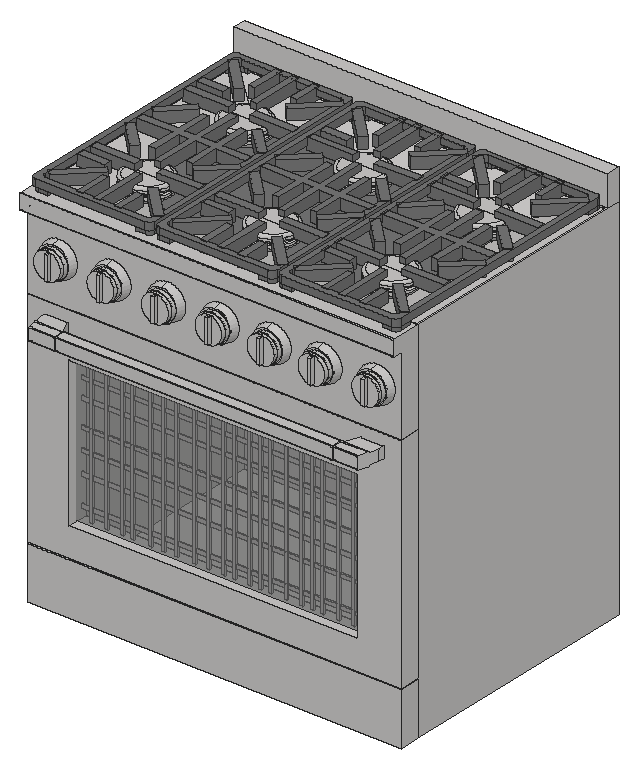
Revit family "HGPR36_Revit", category Specialty Equipment, Revit 2014 (continued)
Automatic sketch dimensions
  Extrusion 13 sketch curve to plane 11 = 0.47485"
  Extrusion 13 sketch curve to Extrusion 13 sketch curve = 0.23194"
  Extrusion 13 sketch curve to plane 11 = 0.2317"
  Extrusion 13 sketch curve to plane 14 = 9.8281"
  Extrusion 13 sketch curve to Extrusion 13 sketch curve = 0.02144"
  Extrusion 13 sketch curve to Extrusion 13 sketch curve = 0.01938"
  Extrusion 13 sketch curve to Extrusion 13 sketch curve = 0.03872"
  Extrusion 13 sketch curve to Extrusion 13 sketch curve = 0.17852"
  Extrusion 13 sketch curve to Extrusion 13 sketch curve = 0.36607"
  Extrusion 13 sketch curve to Extrusion 13 sketch curve = 0.12333"
  Extrusion 13 sketch curve to Extrusion 13 sketch curve = 0.01358"
  Extrusion 13 sketch curve to Extrusion 13 sketch curve = 0.01774"
  Extrusion 13 sketch curve to Extrusion 13 sketch curve = 0.01062"
  Revolve 14 sketch curve to plane 9 = 0"
  plane 11 to Revolve 14 sketch curve = 1/8"
  Revolve 14 sketch curve to plane 11 = 0.26351"
  Revolve 14 sketch curve to Revolve 14 sketch curve = 0.33385"
  Revolve 14 sketch curve to plane 14 = 3.49702"
  Revolve 14 sketch curve to Revolve 14 sketch curve = 1.2924"
  Revolve 14 sketch curve to Revolve 14 sketch curve = 0.06726"
  Revolve 14 sketch curve to Revolve 14 sketch curve = 0.13737"
  Revolve 14 sketch curve to Revolve 14 sketch curve = 0.20096"
  Revolve 14 sketch curve to plane 9 = 1/4"
  Revolve 14 sketch curve to plane 11 = 1/8"
  Revolve 14 sketch curve to Revolve 14 sketch curve = 0"
  plane 3 "Center (Left/Right)" to Extrusion 15 sketch curve = 5.48479"
  Extrusion 15 sketch curve to Extrusion 15 sketch curve = 0.30095"
  Extrusion 15 sketch curve to plane 14 = 4.63811"
  Extrusion 15 sketch curve to Extrusion 15 sketch curve = 2.30319"
  Extrusion 16 sketch curve to Extrusion 1 = 0"  (x4)
  Blend 17 sketch curve to Extrusion 1 = 0"
  Extrusion 1 to Blend 17 sketch curve = 0"
  Extrusion 1 to Blend 17 sketch curve = 35 1/4"
  Extrusion 1 to Blend 17 sketch curve = 1.47905"
  Extrusion 1 to Blend 17 sketch curve = 3.0506"
  Extrusion 1 to Blend 17 sketch curve = 2.80878"
  Blend 17 sketch curve to Blend 17 sketch curve = 27 1/2"
  Extrusion 1 to Blend 17 sketch curve = 4.19122"
  Blend 18 sketch curve to plane 5 = 0"
  plane 16 to Blend 18 sketch curve = 0.22905"
  plane 6 to Blend 18 sketch curve = 0.54402"
  Blend 18 sketch curve to plane 7 = 1.08098"
  plane 6 to Blend 18 sketch curve = 4.59462"
  Blend 18 sketch curve to plane 7 = 5.03038"
  plane 5 to Blend 18 sketch curve = 3.54791"
  plane 16 to Blend 18 sketch curve = 3.68035"
  Extrusion 19 sketch curve to Blend 17 = 0"
  Blend 17 to Extrusion 19 sketch curve = 0.73913"  (x2)
  Blend 17 to Extrusion 19 sketch curve = 1"
  plane 8 to Revolve 20 sketch curve = 1/32"
  plane 6 to Revolve 20 sketch curve = 3 15/16"
  Revolve 20 sketch curve to plane 8 = 0.3223"
  Revolve 20 sketch curve to Revolve 20 sketch curve = 0"  (x2)
  Revolve 20 sketch curve to Revolve 20 sketch curve = 0.08277"
  Revolve 20 sketch curve to plane 8 = 0.09852"
  Revolve 20 sketch curve to Revolve 20 sketch curve = 0.047"  (x2)
  Revolve 20 sketch curve to plane 8 = 0.19253"
  plane 14 to Revolve 20 sketch curve = 0.70035"
  Revolve 20 sketch curve to Revolve 20 sketch curve = 0.1853"
  Revolve 20 sketch curve to Revolve 20 sketch curve = 1/4"
  Revolve 20 sketch curve to Revolve 20 sketch curve = 0.0647"
  plane 14 to Revolve 20 sketch curve = 0.55589"
  Revolve 20 sketch curve to Revolve 20 sketch curve = 0.53915"
  Revolve 20 sketch curve to plane 14 = 0.23056"
  Revolve 20 sketch curve to Revolve 20 sketch curve = 0.45405"
  Revolve 20 sketch curve to Revolve 20 sketch curve = 1.0715"
  plane 8 to Revolve 20 sketch curve = 9/32"
  plane 14 to Revolve 20 sketch curve = 0.63472"
  Revolve 20 sketch curve to Revolve 20 sketch curve = 0.10347"
  Extrusion 21 sketch curve to plane 9 = 0"  (x3)
  plane 6 to Extrusion 21 sketch curve = 0.27554"
  Extrusion 21 sketch curve to Extrusion 21 sketch curve = 1/2"  (x14)
  Extrusion 21 sketch curve to Extrusion 21 sketch curve = 0.01964"  (x2)
  plane 9 to Extrusion 21 sketch curve = 0.59094"  (x2)
  Extrusion 21 sketch curve to plane 3 "Center (Left/Right)" = 7.14232"  (x2)
  plane 16 to Extrusion 21 sketch curve = 1.28406"  (x3)
  Extrusion 21 sketch curve to Extrusion 21 sketch curve = 0.49884"  (x7)
  plane 16 to Extrusion 21 sketch curve = 0.22905"
  Extrusion 21 sketch curve to Extrusion 21 sketch curve = 3/8"  (x2)
  Extrusion 21 sketch curve to Extrusion 21 sketch curve = 0.51964"  (x3)
  plane 3 "Center (Left/Right)" to Extrusion 21 sketch curve = 4.62616"  (x2)
  Extrusion 21 sketch curve to plane 5 = 0.90906"
  Extrusion 21 sketch curve to plane 7 = 1.43866"  (x2)
  Extrusion 21 sketch curve to plane 7 = 0.41902"
  Extrusion 21 sketch curve to Extrusion 21 sketch curve = 0"
  Extrusion 21 sketch curve to Extrusion 21 sketch curve = 0.05501"
  plane 8 to Revolve 22 sketch curve = 1/32"
  plane 6 to Revolve 22 sketch curve = 4 5/16"
  Revolve 22 sketch curve to plane 8 = 0.3223"
  Revolve 22 sketch curve to Revolve 22 sketch curve = 0"  (x2)
  Revolve 22 sketch curve to Revolve 22 sketch curve = 0.08277"
  Revolve 22 sketch curve to plane 8 = 0.09852"
  Revolve 22 sketch curve to Revolve 22 sketch curve = 0.047"  (x2)
  Revolve 22 sketch curve to plane 8 = 0.19253"
  plane 14 to Revolve 22 sketch curve = 0.70035"
  Revolve 22 sketch curve to Revolve 22 sketch curve = 0.1853"
  Revolve 22 sketch curve to Revolve 22 sketch curve = 1/4"  (x3)
  plane 14 to Revolve 22 sketch curve = 0.55589"
  Revolve 22 sketch curve to Revolve 22 sketch curve = 0.53915"
  Revolve 22 sketch curve to plane 14 = 0.23056"
  Revolve 22 sketch curve to Revolve 22 sketch curve = 0.45405"
  Revolve 22 sketch curve to Revolve 22 sketch curve = 1.0715"
  Revolve 22 sketch curve to Revolve 22 sketch curve = 0.10347"
  plane 14 to Revolve 22 sketch curve = 0.63472"
  plane 8 to Revolve 23 sketch curve = 1/32"
  Revolve 23 sketch curve to plane 7 = 4 1/16"
  Revolve 23 sketch curve to plane 8 = 0.3223"
  Revolve 23 sketch curve to Revolve 23 sketch curve = 0"  (x2)
  Revolve 23 sketch curve to Revolve 23 sketch curve = 0.08277"
  Revolve 23 sketch curve to plane 8 = 0.09852"
  Revolve 23 sketch curve to Revolve 23 sketch curve = 0.047"  (x2)
  Revolve 23 sketch curve to plane 8 = 0.19253"
  plane 14 to Revolve 23 sketch curve = 0.70035"
  Revolve 23 sketch curve to Revolve 23 sketch curve = 0.1853"
  Revolve 23 sketch curve to Revolve 23 sketch curve = 1/4"  (x2)
  Revolve 23 sketch curve to Revolve 23 sketch curve = 0.0647"
  plane 14 to Revolve 23 sketch curve = 0.55589"
  Revolve 23 sketch curve to Revolve 23 sketch curve = 0.53915"
  Revolve 23 sketch curve to plane 14 = 0.23056"
  Revolve 23 sketch curve to Revolve 23 sketch curve = 0.45405"
  Revolve 23 sketch curve to Revolve 23 sketch curve = 1.0715"
  Revolve 23 sketch curve to Revolve 23 sketch curve = 0.10347"
  plane 14 to Revolve 23 sketch curve = 0.63472"
  plane 8 to Revolve 24 sketch curve = 1/32"
  Revolve 24 sketch curve to plane 7 = 4 3/16"
  Revolve 24 sketch curve to plane 8 = 0.3223"
  Revolve 24 sketch curve to Revolve 24 sketch curve = 0"  (x2)
  Revolve 24 sketch curve to Revolve 24 sketch curve = 0.08277"
  Revolve 24 sketch curve to plane 8 = 0.09852"
  Revolve 24 sketch curve to Revolve 24 sketch curve = 0.047"  (x2)
  Revolve 24 sketch curve to plane 8 = 0.19253"
  plane 14 to Revolve 24 sketch curve = 0.70035"
  Revolve 24 sketch curve to Revolve 24 sketch curve = 0.1853"
  Revolve 24 sketch curve to Revolve 24 sketch curve = 1/4"  (x2)
  plane 14 to Revolve 24 sketch curve = 0.55589"
  Revolve 24 sketch curve to Revolve 24 sketch curve = 0.53915"
  Revolve 24 sketch curve to plane 14 = 0.23056"
  Revolve 24 sketch curve to Revolve 24 sketch curve = 0.45405"
  Revolve 24 sketch curve to Revolve 24 sketch curve = 1.0715"
  plane 8 to Revolve 24 sketch curve = 9/32"
  plane 14 to Revolve 24 sketch curve = 0.63472"
  Revolve 24 sketch curve to Revolve 24 sketch curve = 0.10347"
  plane 6 to Extrusion 25 sketch curve = 0.54402"  (x2)
  Extrusion 25 sketch curve to Extrusion 25 sketch curve = 1/2"  (x16)
  Extrusion 25 sketch curve to Extrusion 25 sketch curve = 0.01964"  (x5)
  plane 16 to Extrusion 25 sketch curve = 0.22905"  (x5)
  Extrusion 25 sketch curve to Extrusion 25 sketch curve = 0.38691"  (x12)
  plane 9 to Extrusion 25 sketch curve = 0.04155"  (x6)
  plane 9 to Extrusion 25 sketch curve = 0.59656"
  Extrusion 25 sketch curve to plane 3 "Center (Left/Right)" = 7.55004"  (x2)
  Extrusion 25 sketch curve to Extrusion 25 sketch curve = 0.51964"  (x13)
  Extrusion 25 sketch curve to Extrusion 25 sketch curve = 3/8"  (x2)
  plane 3 "Center (Left/Right)" to Extrusion 25 sketch curve = 4.19996"  (x2)
  Extrusion 25 sketch curve to Extrusion 25 sketch curve = 0.39348"  (x2)
  Extrusion 25 sketch curve to plane 7 = 1.84406"  (x2)
  Extrusion 25 sketch curve to plane 7 = 7/16"  (x2)
  Extrusion 25 sketch curve to Extrusion 25 sketch curve = 0.55501"  (x4)
  Extrusion 25 sketch curve to Extrusion 25 sketch curve = 0.05501"  (x2)
  Extrusion 25 sketch curve to Extrusion 25 sketch curve = 0.41301"  (x10)
  Extrusion 25 sketch curve to plane 5 = 0.49042"  (x2)
  Extrusion 25 sketch curve to Extrusion 25 sketch curve = 0.96803"  (x4)
  Extrusion 25 sketch curve to Extrusion 25 sketch curve = 0"  (x2)
  plane 6 to Extrusion 26 sketch curve = 0.66029"  (x4)
  Extrusion 26 sketch curve to plane 1 "Center (Front/Back)" = 0.02378"  (x4)
  plane 6 to Extrusion 26 sketch curve = 0.79518"  (x4)
  Extrusion 26 sketch curve to Extrusion 26 sketch curve = 0"  (x33)
  Extrusion 26 sketch curve to Extrusion 26 sketch curve = 0.53033"  (x26)
  Extrusion 26 sketch curve to plane 5 = 0.8601"  (x6)
  Extrusion 26 sketch curve to Extrusion 26 sketch curve = 0.39543"  (x3)
  plane 1 "Center (Front/Back)" to Extrusion 26 sketch curve = 0.50655"  (x6)
  Extrusion 26 sketch curve to plane 1 "Center (Front/Back)" = 2.49865"  (x5)
  Extrusion 26 sketch curve to Extrusion 26 sketch curve = 2.33998"  (x3)
  Extrusion 26 sketch curve to Extrusion 26 sketch curve = 2.64348"  (x4)
  Extrusion 26 sketch curve to Extrusion 26 sketch curve = 0.33038"  (x4)
  plane 9 to Extrusion 26 sketch curve = 0.51294"  (x9)
  Extrusion 26 sketch curve to Extrusion 26 sketch curve = 3.10876"
  Extrusion 26 sketch curve to Extrusion 26 sketch curve = 0.63388"  (x3)
  Extrusion 26 sketch curve to Extrusion 26 sketch curve = 0.59263"  (x32)
  Extrusion 26 sketch curve to Extrusion 26 sketch curve = 1.74756"
  Extrusion 26 sketch curve to Extrusion 26 sketch curve = 0.29422"  (x3)
  plane 16 to Extrusion 26 sketch curve = 0.40906"  (x9)
  Extrusion 26 sketch curve to Extrusion 26 sketch curve = 1.03237"
  Extrusion 26 sketch curve to Extrusion 26 sketch curve = 0.73815"  (x6)
  Extrusion 26 sketch curve to Extrusion 26 sketch curve = 0.70578"  (x6)
  Extrusion 26 sketch curve to Extrusion 26 sketch curve = 1.40737"  (x8)
  Extrusion 26 sketch curve to Extrusion 26 sketch curve = 0.28013"  (x6)
  plane 5 to Extrusion 26 sketch curve = 2.18615"
  plane 5 to Extrusion 26 sketch curve = 2.71648"  (x2)
  plane 16 to Extrusion 26 sketch curve = 4.61261"
  Extrusion 26 sketch curve to Extrusion 26 sketch curve = 0.25888"  (x6)
  Extrusion 26 sketch curve to plane 1 "Center (Front/Back)" = 1.96832"
  plane 1 "Center (Front/Back)" to Extrusion 26 sketch curve = 5.64477"
  plane 16 to Extrusion 26 sketch curve = 1.03602"  (x4)
  Extrusion 26 sketch curve to Extrusion 26 sketch curve = 2.73376"  (x5)
  plane 1 "Center (Front/Back)" to Extrusion 26 sketch curve = 2.63957"  (x3)
  Extrusion 26 sketch curve to Extrusion 26 sketch curve = 0.04442"  (x3)
  Extrusion 26 sketch curve to Extrusion 26 sketch curve = 1.98896"  (x4)
  Extrusion 26 sketch curve to Extrusion 26 sketch curve = 0.75419"  (x4)
  Extrusion 26 sketch curve to plane 5 = 0.32977"  (x4)
  plane 16 to Extrusion 26 sketch curve = 1.56635"  (x2)
  Extrusion 26 sketch curve to Extrusion 26 sketch curve = 0.1349"
  Extrusion 26 sketch curve to Extrusion 26 sketch curve = 1 3/8"  (x6)
  Extrusion 26 sketch curve to plane 3 "Center (Left/Right)" = 2.62384"  (x2)
  Extrusion 26 sketch curve to plane 3 "Center (Left/Right)" = 1.76313"
  Extrusion 26 sketch curve to plane 3 "Center (Left/Right)" = 0.87627"  (x2)
  Extrusion 26 sketch curve to plane 3 "Center (Left/Right)" = 0.13813"  (x4)
  plane 3 "Center (Left/Right)" to Extrusion 26 sketch curve = 0.45451"  (x4)
  plane 3 "Center (Left/Right)" to Extrusion 26 sketch curve = 1.86187"  (x3)
  Extrusion 26 sketch curve to Extrusion 26 sketch curve = 0.50303"  (x4)
  Extrusion 26 sketch curve to Extrusion 26 sketch curve = 1.12384"  (x3)
  plane 16 to Extrusion 26 sketch curve = 4.67511"
  plane 5 to Extrusion 26 sketch curve = 2.77898"
  plane 5 to Extrusion 26 sketch curve = 1.15793"
  Extrusion 26 sketch curve to plane 7 = 1.1254"  (x4)
  Extrusion 26 sketch curve to plane 7 = 1.08098"  (x2)
  Extrusion 26 sketch curve to Extrusion 26 sketch curve = 1.02822"  (x5)
  Extrusion 26 sketch curve to Extrusion 26 sketch curve = 0.58943"  (x6)
  Extrusion 26 sketch curve to Extrusion 26 sketch curve = 0.15748"  (x4)
  plane 5 to Extrusion 26 sketch curve = 2.93646"
  Extrusion 26 sketch curve to Extrusion 26 sketch curve = 1.28557"  (x2)
  Extrusion 26 sketch curve to Extrusion 26 sketch curve = 1.34807"
  Extrusion 26 sketch curve to Extrusion 26 sketch curve = 3/4"  (x5)
  Extrusion 26 sketch curve to Extrusion 26 sketch curve = 0.89493"  (x5)
  Extrusion 26 sketch curve to Extrusion 26 sketch curve = 0.7427"  (x4)
  Extrusion 26 sketch curve to Extrusion 26 sketch curve = 0.767"  (x12)
  Extrusion 26 sketch curve to Extrusion 26 sketch curve = 0.64493"  (x4)
  Extrusion 26 sketch curve to Extrusion 26 sketch curve = 1.15906"  (x8)
  Extrusion 26 sketch curve to Extrusion 26 sketch curve = 0.33054"  (x12)
  plane 1 "Center (Front/Back)" to Extrusion 26 sketch curve = 2.01044"  (x3)
  Extrusion 26 sketch curve to Extrusion 26 sketch curve = 0.62913"  (x3)
  Extrusion 26 sketch curve to Extrusion 26 sketch curve = 0.74976"  (x3)
  Extrusion 26 sketch curve to Extrusion 26 sketch curve = 0.90748"
  Extrusion 26 sketch curve to Extrusion 26 sketch curve = 1.71268"  (x2)
  plane 6 to Extrusion 28 sketch curve = 3.95746"  (x2)
  Extrusion 28 sketch curve to Extrusion 28 sketch curve = 0"  (x9)
  Extrusion 28 sketch curve to plane 7 = 4.16754"
  plane 10 to Extrusion 28 sketch curve = 8.84665"
  Extrusion 28 sketch curve to Extrusion 28 sketch curve = 0.38211"  (x6)
  Extrusion 28 sketch curve to Extrusion 28 sketch curve = 2.36789"
  Extrusion 28 sketch curve to Extrusion 28 sketch curve = 1.61789"  (x2)
  Extrusion 28 sketch curve to Extrusion 28 sketch curve = 2.11789"
  Extrusion 28 sketch curve to Extrusion 28 sketch curve = 1.36789"
  Extrusion 29 sketch curve to plane 8 = 0"
  Extrusion 29 sketch curve to plane 14 = 0"
  plane 16 to Extrusion 29 sketch curve = 0.38425"
  Extrusion 29 sketch curve to plane 4 = 0.60405"
  Extrusion 30 sketch curve to plane 8 = 0"
  Extrusion 30 sketch curve to plane 16 = 0"
  Extrusion 30 sketch curve to plane 4 = 0"
  Extrusion 30 sketch curve to plane 15 = 0"
  Revolve 31 sketch curve to plane 9 = 0"
  plane 11 to Revolve 31 sketch curve = 1/8"
  Revolve 31 sketch curve to plane 11 = 0.26351"
  Revolve 31 sketch curve to Revolve 31 sketch curve = 0.33385"
  Revolve 31 sketch curve to plane 14 = 3.49702"
  Revolve 31 sketch curve to Revolve 31 sketch curve = 1.2924"
  Revolve 31 sketch curve to Revolve 31 sketch curve = 0.06726"
  Revolve 31 sketch curve to Revolve 31 sketch curve = 0.13737"
  Revolve 31 sketch curve to Revolve 31 sketch curve = 0.20096"
  Revolve 31 sketch curve to plane 9 = 1/4"
  Revolve 31 sketch curve to plane 11 = 1/8"
  Revolve 31 sketch curve to Revolve 31 sketch curve = 0"
  plane 3 "Center (Left/Right)" to Extrusion 32 sketch curve = 0.48479"
  Extrusion 32 sketch curve to Extrusion 32 sketch curve = 0.30095"
  Extrusion 32 sketch curve to plane 14 = 4.63811"
  Extrusion 32 sketch curve to Extrusion 32 sketch curve = 2.30319"
  Revolve 33 sketch curve to plane 9 = 0"
  plane 11 to Revolve 33 sketch curve = 1/8"
  Revolve 33 sketch curve to plane 11 = 0.26351"
  Revolve 33 sketch curve to Revolve 33 sketch curve = 0.33385"
  Revolve 33 sketch curve to plane 14 = 1.79904"
  Revolve 33 sketch curve to Revolve 33 sketch curve = 0.20096"
  Revolve 33 sketch curve to Revolve 33 sketch curve = 0.13737"
  Revolve 33 sketch curve to Revolve 33 sketch curve = 0.06726"
  Revolve 33 sketch curve to Revolve 33 sketch curve = 1.2924"
  Revolve 33 sketch curve to Revolve 33 sketch curve = 1/4"
  Revolve 33 sketch curve to plane 11 = 1/8"
  Revolve 33 sketch curve to Revolve 33 sketch curve = 0"
  Extrusion 34 sketch curve to plane 6 = 3.32771"
  Extrusion 34 sketch curve to Extrusion 34 sketch curve = 0.30095"
  plane 14 to Extrusion 34 sketch curve = 4.63811"
  Extrusion 34 sketch curve to Extrusion 34 sketch curve = 2.30319"
  Revolve 35 sketch curve to plane 9 = 0"
  plane 11 to Revolve 35 sketch curve = 1/8"
  Revolve 35 sketch curve to plane 11 = 0.26351"
  Revolve 35 sketch curve to Revolve 35 sketch curve = 0.33385"
  Revolve 35 sketch curve to plane 14 = 1.79904"
  Revolve 35 sketch curve to Revolve 35 sketch curve = 0.20096"
  Revolve 35 sketch curve to Revolve 35 sketch curve = 0.13737"
  Revolve 35 sketch curve to Revolve 35 sketch curve = 0.06726"
  Revolve 35 sketch curve to Revolve 35 sketch curve = 1.2924"
  Revolve 35 sketch curve to Revolve 35 sketch curve = 1/4"
  Revolve 35 sketch curve to plane 11 = 1/8"
  Revolve 35 sketch curve to Revolve 35 sketch curve = 0"
  Extrusion 36 sketch curve to plane 6 = 8.32771"
  Extrusion 36 sketch curve to Extrusion 36 sketch curve = 0.30095"
  plane 14 to Extrusion 36 sketch curve = 4.63811"
  Extrusion 36 sketch curve to Extrusion 36 sketch curve = 2.30319"
  Revolve 37 sketch curve to plane 9 = 0"
  plane 11 to Revolve 37 sketch curve = 1/8"
  Revolve 37 sketch curve to plane 11 = 0.26351"
  Revolve 37 sketch curve to Revolve 37 sketch curve = 0.33385"
  Revolve 37 sketch curve to plane 14 = 1.79904"
  Revolve 37 sketch curve to Revolve 37 sketch curve = 0.20096"
  Revolve 37 sketch curve to Revolve 37 sketch curve = 0.13737"
  Revolve 37 sketch curve to Revolve 37 sketch curve = 0.06726"
  Revolve 37 sketch curve to Revolve 37 sketch curve = 1.2924"
  Revolve 37 sketch curve to Revolve 37 sketch curve = 1/4"
  Revolve 37 sketch curve to plane 11 = 1/8"
  Revolve 37 sketch curve to Revolve 37 sketch curve = 0"
  plane 3 "Center (Left/Right)" to Extrusion 38 sketch curve = 4.35979"
  Extrusion 38 sketch curve to Extrusion 38 sketch curve = 0.30095"
  plane 14 to Extrusion 38 sketch curve = 4.63811"
  Extrusion 38 sketch curve to Extrusion 38 sketch curve = 2.30319"
  plane 8 to Revolve 39 sketch curve = 1/32"
  Revolve 39 sketch curve to plane 3 "Center (Left/Right)" = 2.09263"
  Revolve 39 sketch curve to plane 8 = 0.3223"
  Revolve 39 sketch curve to Revolve 39 sketch curve = 0"
  Revolve 39 sketch curve to Revolve 39 sketch curve = 0.08277"
  Revolve 39 sketch curve to plane 8 = 0.09852"
  Revolve 39 sketch curve to Revolve 39 sketch curve = 0.047"  (x2)
  Revolve 39 sketch curve to plane 8 = 0.19253"
  plane 14 to Revolve 39 sketch curve = 0.70035"
  Revolve 39 sketch curve to Revolve 39 sketch curve = 0.1853"
  Revolve 39 sketch curve to Revolve 39 sketch curve = 1/4"
  Revolve 39 sketch curve to Revolve 39 sketch curve = 0.0647"
  plane 14 to Revolve 39 sketch curve = 0.55589"
  Revolve 39 sketch curve to Revolve 39 sketch curve = 0.53915"
  Revolve 39 sketch curve to plane 14 = 0.23056"
  Revolve 39 sketch curve to Revolve 39 sketch curve = 0.45405"
  plane 3 "Center (Left/Right)" to Revolve 39 sketch curve = 0.15737"  (x2)
  plane 8 to Revolve 39 sketch curve = 9/32"
  plane 14 to Revolve 39 sketch curve = 0.63472"
  Revolve 39 sketch curve to Revolve 39 sketch curve = 0.10347"
  plane 8 to Revolve 40 sketch curve = 1/32"
  Revolve 40 sketch curve to plane 3 "Center (Left/Right)" = 2.09263"
  Revolve 40 sketch curve to plane 8 = 0.3223"
  Revolve 40 sketch curve to Revolve 40 sketch curve = 0"
  Revolve 40 sketch curve to Revolve 40 sketch curve = 0.08277"
  Revolve 40 sketch curve to plane 8 = 0.09852"
  Revolve 40 sketch curve to Revolve 40 sketch curve = 0.047"  (x2)
  Revolve 40 sketch curve to plane 8 = 0.19253"
  plane 14 to Revolve 40 sketch curve = 0.70035"
  Revolve 40 sketch curve to Revolve 40 sketch curve = 0.1853"
  Revolve 40 sketch curve to Revolve 40 sketch curve = 1/4"  (x3)
  plane 14 to Revolve 40 sketch curve = 0.55589"
  Revolve 40 sketch curve to Revolve 40 sketch curve = 0.53915"
  Revolve 40 sketch curve to plane 14 = 0.23056"
  Revolve 40 sketch curve to Revolve 40 sketch curve = 0.45405"
  plane 3 "Center (Left/Right)" to Revolve 40 sketch curve = 0.15737"  (x2)
  Revolve 40 sketch curve to Revolve 40 sketch curve = 0.10347"
  plane 14 to Revolve 40 sketch curve = 0.63472"
  Revolve 41 sketch curve to plane 9 = 0"
  plane 11 to Revolve 41 sketch curve = 1/8"
  Revolve 41 sketch curve to plane 11 = 0.26351"
  Revolve 41 sketch curve to Revolve 41 sketch curve = 0.33385"
  Revolve 41 sketch curve to plane 14 = 3.49702"
  Revolve 41 sketch curve to Revolve 41 sketch curve = 1.2924"
  Revolve 41 sketch curve to Revolve 41 sketch curve = 0.06726"
  Revolve 41 sketch curve to Revolve 41 sketch curve = 0.13737"
  Revolve 41 sketch curve to Revolve 41 sketch curve = 0.20096"
  Revolve 41 sketch curve to plane 9 = 1/4"
  Revolve 41 sketch curve to plane 11 = 1/8"
  Revolve 41 sketch curve to Revolve 41 sketch curve = 0"
  Extrusion 42 sketch curve to plane 7 = 2.45271"
  Extrusion 42 sketch curve to Extrusion 42 sketch curve = 0.30095"
  Extrusion 42 sketch curve to plane 14 = 4.63811"
  Extrusion 42 sketch curve to Extrusion 42 sketch curve = 2.30319"
  Revolve 43 sketch curve to plane 9 = 0"
  plane 11 to Revolve 43 sketch curve = 1/8"
  Revolve 43 sketch curve to plane 11 = 0.26351"
  Revolve 43 sketch curve to Revolve 43 sketch curve = 0.33385"
  Revolve 43 sketch curve to plane 14 = 3.49702"
  Revolve 43 sketch curve to Revolve 43 sketch curve = 1.2924"
  Revolve 43 sketch curve to Revolve 43 sketch curve = 0.06726"
  Revolve 43 sketch curve to Revolve 43 sketch curve = 0.13737"
  Revolve 43 sketch curve to Revolve 43 sketch curve = 0.20096"
  Revolve 43 sketch curve to plane 9 = 1/4"
  Revolve 43 sketch curve to plane 11 = 1/8"
  Revolve 43 sketch curve to Revolve 43 sketch curve = 0"
  Extrusion 44 sketch curve to plane 7 = 7.57771"
  Extrusion 44 sketch curve to Extrusion 44 sketch curve = 0.30095"
  Extrusion 44 sketch curve to plane 14 = 4.63811"
  Extrusion 44 sketch curve to Extrusion 44 sketch curve = 2.30319"
  plane 6 to Extrusion 27 sketch curve = 4.82012"
  Extrusion 27 sketch curve to Extrusion 27 sketch curve = 75/256"  (x19)
  Extrusion 27 sketch curve to Extrusion 27 sketch curve = 1 53/256"  (x6)
  Extrusion 27 sketch curve to Extrusion 27 sketch curve = 0.69186"  (x3)
  Extrusion 27 sketch curve to Extrusion 27 sketch curve = 1 117/256"  (x2)
  Extrusion 27 sketch curve to Extrusion 27 sketch curve = 0.93149"  (x2)
  Extrusion 27 sketch curve to Extrusion 27 sketch curve = 1.03146"
  Extrusion 27 sketch curve to plane 3 "Center (Left/Right)" = 0.38482"
  Extrusion 27 sketch curve to plane 3 "Center (Left/Right)" = 0.09187"
  plane 3 "Center (Left/Right)" to Extrusion 27 sketch curve = 0.61518"
  Extrusion 27 sketch curve to Extrusion 27 sketch curve = 1.18149"
  Extrusion 27 sketch curve to Extrusion 27 sketch curve = 181/256"
  Extrusion 27 sketch curve to Extrusion 27 sketch curve = 0.72224"
  plane 10 to Extrusion 27 sketch curve = 7.79033"  (x2)
  Extrusion 27 sketch curve to Extrusion 27 sketch curve = 0"  (x37)
  Extrusion 27 sketch curve to plane 14 = 11.95967"
